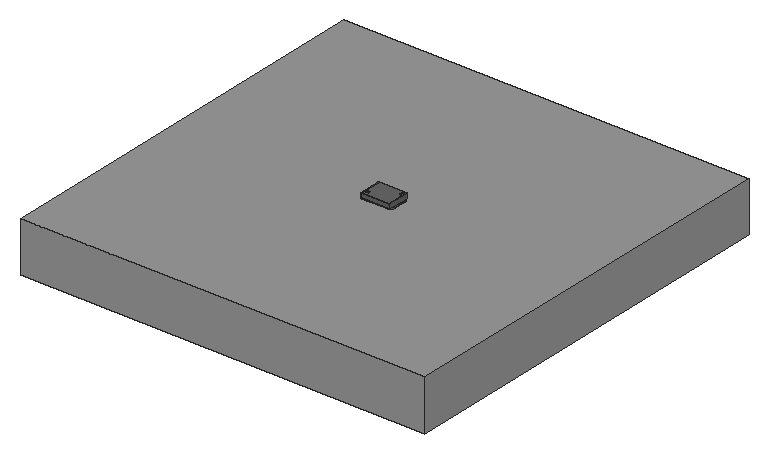
Revit family "PARLÉ TCM - Network Box_rev1", category Communication Devices, host Face, Revit 2019
Family settings
  Host = Face
  Maintain Annotation Orientation = No
  Round Connector Dimension = Use Diameter
  Part Type = Normal
  Cut with Voids When Loaded = No
  Shared = Yes
  Room Calculation Point = Yes
Parameters (values of type "PARLÉ™ TCM-XA Network Box - Wall mounted")
  Width = 0' - 6 205/256"
  Weight Product = 1.4
  Regulatory Compliance = "FCC Part 15B (USA) CE marked (Europe) UL and C-UL listed (USA and Canada) RoHS Directive (Europe) Evaluated to the requirements of UL 2043 and is suitable for use in air handling spaces"
  Product Page URL = "https://www.biamp.com/products/product-families/parle/parle-microphones#parle-tcm-x"
  Product Documentation Link = "https://downloads.biamp.com/assets/docs/default-source/data-sheets/biamp_data_sheet_parle_tcm-x_feb21.pdf?sfvrsn=4456daa4_24&_ga=2.68014161.1990077202.1620849750-121540068.1620849750"
  Power = "PoE (IEEE 802.3at Class 3, 15.4W)"
  Part Number = ""
  POE+ = yes
  POE Power = 30
  Model = "Parlé TCM-XA"
  Max Distance Between Devices = "33 feet (10 meters) between TCM-XEX and DSP host device"
  Manufacturer URL = "https://www.biamp.com/"
  Manufacturer = "Biamp Systems"
  Height = 0' - 1 51/256"
  Dynamic Range = "92dB, A-Weighted"
  Description = "Ceiling microphone Network Box with amplifier only. (Cost includes mic.)"
  Depth = 0' - 5 51/256"
  Default Elevation = 0' - 0"
  Connector = "Three RJ-45: one between TCM-X network box and switch, one between the network box and microphone, the other between TCM-X network box and TCM-XEX"
  Ceiling/Wall Mounting = 0.00°
  Case Finish = Black Finish
  Amplifier = "2X Class D, Single Channel Driven, (4Ω, 8Ω): 8W, Dual Channel Driven (4Ω, 8Ω): 4W"
Types (4): name | POE+ | POE Power | Model | Description | Ceiling/Wall Mounting | Amplifier
  PARLÉ™ TCM-X Network Box - Ceiling mounted | no | 15.4 | "Parlé TCM-X" | "Ceiling microphone Network Box only. (Cost includes mic.)" | 180.00° | ""
  PARLÉ™ TCM-XA Network Box - Ceiling mounted | yes | 30 | "Parlé TCM-XA" | "Ceiling microphone Network Box with amplifier only. (Cost includes mic.)" | 180.00° | "2X Class D, Single Channel Driven, (4Ω, 8Ω): 8W, Dual Channel Driven (4Ω, 8Ω): 4W"
  PARLÉ™ TCM-X Network Box - Wall mounted | no | 15.4 | "Parlé TCM-X" | "Ceiling microphone Network Box only. (Cost includes mic.)" | 0.00° | ""
  PARLÉ™ TCM-XA Network Box - Wall mounted | yes | 30 | "Parlé TCM-XA" | "Ceiling microphone Network Box with amplifier only. (Cost includes mic.)" | 0.00° | "2X Class D, Single Channel Driven, (4Ω, 8Ω): 8W, Dual Channel Driven (4Ω, 8Ω): 4W"
Reference planes (in)
  plane 1 "Center (Front/Back)": y = 0
  plane 2: z = 0
  plane 3 "Center (Left/Right)": x = 0
Forms (in)
  Extrusion 1, solid, material "Light Gray Finish"
    sketch origin (0, 0, 0) x (1, 0, 0) y (0, 1, 0)
      loop
        line (-48, 48) -> (-48, -48) -> (48, -48) -> (48, 48) -> (-48, 48)
    from 0 to -12
Lines and regions (in)
  reference lines
    curve 1: line (0, 0, 0) -> (0, -9.75, 0)
Dimensions and locks (in)
  "Ceiling/Wall Mounting": angle plane 2 to curve 1
  aligned and locked: plane 2 to Extrusion 1
  aligned and locked: level to Extrusion 1
  aligned and locked: plane 1 "Center (Front/Back)" to curve 1
  aligned and locked: plane 2 to curve 1
Automatic sketch dimensions
  Extrusion 1 sketch curve to Extrusion 1 sketch curve = 8' - 0"  (x2)
Nested families (in)
  nested 1: "PARLÉ TCM-xxx - Network Box Base_rev0" at (-0.06021, 0, 0), type "PARLÉ™ TCM-xxx Network Box"
Definition of nested family "PARLÉ TCM-xxx - Network Box Base_rev0"
  Parameters (values of type "PARLÉ™ TCM-xxx Network Box")
    Part Number = ""
    Model = "Parlé TCM-X"
    Manufacturer = "Biamp Systems"
    Description = "AVB low-profle ceiling microphone (Network Box only. Cost includes mic)"
    Default Elevation = 0' - 0"
  Reference planes (in)
    plane 1 "Center (Front/Back)": y = 0
    plane 2: z = 0
    plane 3 "Center (Left/Right)": x = 0
  Forms (in)
    Extrusion 1, solid
      sketch origin (0, 0, 0) x (1, 0, 0) y (0, 1, 0)
        loop
          line (-48, 48) -> (-48, -48) -> (48, -48) -> (48, 48) -> (-48, 48)
      from 0 to -12
    Extrusion 2, solid
      sketch origin (0, 0, 0) x (1, 0, 0) y (0, 0, 1)
        loop
          line (-3.38583, 0.03622) -> (-3.34961, 0.03622) -> (-3.34961, 1.11321)
          arc (-3.34961, 1.11321) -> (-3.34038, 1.13549) -> (-3.31811, 1.14471) r 0.0315
          line (-3.31811, 1.14471) -> (3.31811, 1.14471)
          arc (3.31811, 1.14471) -> (3.34038, 1.13549) -> (3.34961, 1.11321) r 0.0315
          line (3.34961, 1.11321) -> (3.34961, 0.03622) -> (3.38644, 0.03622) -> (3.38644, 1.11321)
          arc (3.38644, 1.11321) -> (3.36621, 1.16113) -> (3.31811, 1.18093) r 0.06833
          line (3.31811, 1.18093) -> (-3.31811, 1.18093)
          arc (-3.31811, 1.18093) -> (-3.36599, 1.1611) -> (-3.38583, 1.11321) r 0.06772
          line (-3.38583, 1.11321) -> (-3.38583, 0.03622)
      from -2.59843 to 2.59843
    Extrusion 3, solid
      sketch origin (0, 0, 0) x (1, 0, 0) y (0, 1, 0)
        loop
          line (-3.85827, 1.54212) -> (-3.85827, -1.54212) -> (-3.24841, -2.59843) -> (3.24841, -2.59843) -> (3.85827, -1.54212) -> (3.85827, 1.54212) -> (3.24841, 2.59843) -> (-3.24841, 2.59843) -> (-3.85827, 1.54212)
        loop
          circle (-3.70135, 0.70841) r 0.06408
        loop
          circle (-3.70102, 0) r 0.08163
        loop
          circle (3.70135, 0.70841) r 0.06408
        loop
          circle (3.70102, 0) r 0.08163
      from 0 to 0.06772
    Extrusion 4, solid
      sketch origin (0, 0, 0) x (1, 0, 0) y (0, 0, 1)
        loop
          line (-2.95044, 1.18128) -> (-2.85772, 1.22873) -> (-2.33891, 1.22873) -> (-2.24551, 1.18093) -> (-2.166, 1.18093) -> (-2.31397, 1.25665)
          arc (-2.31397, 1.25665) -> (-2.33069, 1.26284) -> (-2.3484, 1.26495) r 0.07559
          line (-2.3484, 1.26495) -> (-2.84823, 1.26495)
          arc (-2.84823, 1.26495) -> (-2.86594, 1.26284) -> (-2.88266, 1.25665) r 0.07559
          line (-2.88266, 1.25665) -> (-3.02995, 1.18128) -> (-2.95044, 1.18128)
      from 1.41831 to 1.67224
    Extrusion 5, solid
      sketch origin (4.26378, -0.78805, 0) x (0, -1, 0) y (0, 0, 1)
        loop
          line (-2.95044, 1.18128) -> (-2.85772, 1.22873) -> (-2.33891, 1.22873) -> (-2.24551, 1.18093) -> (-2.166, 1.18093) -> (-2.31397, 1.25665)
          arc (-2.31397, 1.25665) -> (-2.33069, 1.26284) -> (-2.3484, 1.26495) r 0.07559
          line (-2.3484, 1.26495) -> (-2.84823, 1.26495)
          arc (-2.84823, 1.26495) -> (-2.86594, 1.26284) -> (-2.88266, 1.25665) r 0.07559
          line (-2.88266, 1.25665) -> (-3.02995, 1.18128) -> (-2.95044, 1.18128)
      from 1.41831 to 1.67224
    Extrusion 6, solid
      sketch origin (0, 0, 0) x (1, 0, 0) y (0, 0, 1)
        loop
          line (-3.34961, 0.06772) -> (3.34961, 0.06772) -> (3.34961, 1.11321)
          arc (3.34961, 1.11321) -> (3.34038, 1.13549) -> (3.31811, 1.14471) r 0.0315
          line (3.31811, 1.14471) -> (-3.31811, 1.14471)
          arc (-3.31811, 1.14471) -> (-3.34038, 1.13549) -> (-3.34961, 1.11321) r 0.0315
          line (-3.34961, 1.11321) -> (-3.34961, 0.06772)
      from -2.59843 to 2.59843
    Extrusion 7, solid
      sketch origin (0, 0, 0) x (1, 0, 0) y (0, 0, 1)
        loop
          line (2.01277, 0.84735) -> (1.33035, 0.84735) -> (1.33035, 0.29617) -> (2.01277, 0.29617) -> (2.01277, 0.84735)
        loop
          line (0.67303, 0.84761) -> (-0.00602, 0.84761) -> (-0.00602, 0.29741) -> (0.67303, 0.29741) -> (0.67303, 0.84761)
        loop
          line (-0.3504, 0.84761) -> (-1.02946, 0.84761) -> (-1.02946, 0.29741) -> (-0.3504, 0.29741) -> (-0.3504, 0.84761)
      from -2.64166 to -2.59843
    Extrusion 8, void
      sketch origin (0, 0, 0) x (1, 0, 0) y (0, 1, 0)
        loop
          line (-2.95044, -1.41831) -> (-2.95044, -1.67224) -> (-2.24551, -1.67224) -> (-2.24551, -1.41831) -> (-2.95044, -1.41831)
        loop
          line (2.59154, 2.16239) -> (2.59154, 1.45746) -> (2.84547, 1.45746) -> (2.84547, 2.16239) -> (2.59154, 2.16239)
      from 1.14471 to 1.18093
    Extrusion 9, solid, not visible
      sketch origin (0, 0, 0) x (1, 0, 0) y (0, 0, 1)
        loop
          line (-3.38583, 0.03622) -> (-3.34961, 0.03622) -> (-3.34961, 1.11321)
          arc (-3.34961, 1.11321) -> (-3.34038, 1.13549) -> (-3.31811, 1.14471) r 0.0315
          line (-3.31811, 1.14471) -> (3.31811, 1.14471)
          arc (3.31811, 1.14471) -> (3.34038, 1.13549) -> (3.34961, 1.11321) r 0.0315
          line (3.34961, 1.11321) -> (3.34961, 0.03622) -> (3.38644, 0.03622) -> (3.38644, 1.11321)
          arc (3.38644, 1.11321) -> (3.36621, 1.16113) -> (3.31811, 1.18093) r 0.06833
          line (3.31811, 1.18093) -> (-3.31811, 1.18093)
          arc (-3.31811, 1.18093) -> (-3.36599, 1.1611) -> (-3.38583, 1.11321) r 0.06772
          line (-3.38583, 1.11321) -> (-3.38583, 0.03622)
      from -2.59843 to 2.59843
    Extrusion 10, solid, not visible
      sketch origin (0, 0, 0) x (1, 0, 0) y (0, 1, 0)
        loop
          line (-3.85827, 1.54212) -> (-3.85827, -1.54212) -> (-3.24841, -2.59843) -> (3.24841, -2.59843) -> (3.85827, -1.54212) -> (3.85827, 1.54212) -> (3.24841, 2.59843) -> (-3.24841, 2.59843) -> (-3.85827, 1.54212)
        loop
          circle (-3.70135, 0.70841) r 0.06408
        loop
          circle (-3.70102, 0) r 0.08163
        loop
          circle (3.70135, 0.70841) r 0.06408
        loop
          circle (3.70102, 0) r 0.08163
      from 0 to 0.06772
    Extrusion 11, solid, not visible
      sketch origin (0, 0, 0) x (1, 0, 0) y (0, 0, 1)
        loop
          line (-2.95044, 1.18128) -> (-2.85772, 1.22873) -> (-2.33891, 1.22873) -> (-2.24551, 1.18093) -> (-2.166, 1.18093) -> (-2.31397, 1.25665)
          arc (-2.31397, 1.25665) -> (-2.33069, 1.26284) -> (-2.3484, 1.26495) r 0.07559
          line (-2.3484, 1.26495) -> (-2.84823, 1.26495)
          arc (-2.84823, 1.26495) -> (-2.86594, 1.26284) -> (-2.88266, 1.25665) r 0.07559
          line (-2.88266, 1.25665) -> (-3.02995, 1.18128) -> (-2.95044, 1.18128)
      from 1.41831 to 1.67224
    Extrusion 12, solid, not visible
      sketch origin (4.26378, -0.78805, 0) x (0, -1, 0) y (0, 0, 1)
        loop
          line (-2.95044, 1.18128) -> (-2.85772, 1.22873) -> (-2.33891, 1.22873) -> (-2.24551, 1.18093) -> (-2.166, 1.18093) -> (-2.31397, 1.25665)
          arc (-2.31397, 1.25665) -> (-2.33069, 1.26284) -> (-2.3484, 1.26495) r 0.07559
          line (-2.3484, 1.26495) -> (-2.84823, 1.26495)
          arc (-2.84823, 1.26495) -> (-2.86594, 1.26284) -> (-2.88266, 1.25665) r 0.07559
          line (-2.88266, 1.25665) -> (-3.02995, 1.18128) -> (-2.95044, 1.18128)
      from 1.41831 to 1.67224
    Extrusion 13, solid, not visible
      sketch origin (0, 0, 0) x (1, 0, 0) y (0, 0, 1)
        loop
          line (-3.34961, 0.06772) -> (3.34961, 0.06772) -> (3.34961, 1.11321)
          arc (3.34961, 1.11321) -> (3.34038, 1.13549) -> (3.31811, 1.14471) r 0.0315
          line (3.31811, 1.14471) -> (-3.31811, 1.14471)
          arc (-3.31811, 1.14471) -> (-3.34038, 1.13549) -> (-3.34961, 1.11321) r 0.0315
          line (-3.34961, 1.11321) -> (-3.34961, 0.06772)
      from -2.59843 to 2.59843
    Extrusion 14, solid, not visible
      sketch origin (0, 0, 0) x (1, 0, 0) y (0, 0, 1)
        loop
          line (2.01277, 0.84735) -> (1.33035, 0.84735) -> (1.33035, 0.29617) -> (2.01277, 0.29617) -> (2.01277, 0.84735)
        loop
          line (0.67303, 0.84761) -> (-0.00602, 0.84761) -> (-0.00602, 0.29741) -> (0.67303, 0.29741) -> (0.67303, 0.84761)
        loop
          line (-0.3504, 0.84761) -> (-1.02946, 0.84761) -> (-1.02946, 0.29741) -> (-0.3504, 0.29741) -> (-0.3504, 0.84761)
      from -2.64166 to -2.59843
    Extrusion 15, void, not visible
      sketch origin (0, 0, 0) x (1, 0, 0) y (0, 1, 0)
        loop
          line (-2.95044, -1.41831) -> (-2.95044, -1.67224) -> (-2.24551, -1.67224) -> (-2.24551, -1.41831) -> (-2.95044, -1.41831)
        loop
          line (2.59154, 2.16239) -> (2.59154, 1.45746) -> (2.84547, 1.45746) -> (2.84547, 2.16239) -> (2.59154, 2.16239)
      from 1.14471 to 1.18093
  Cuts and joins
    Extrusion 8 cuts Extrusion 2
    Extrusion 8 cuts Extrusion 4
    Extrusion 8 cuts Extrusion 5
    joined: Extrusion 2, Extrusion 4, Extrusion 5
    Extrusion 8 cuts Extrusion 3
    Extrusion 8 cuts Extrusion 6
  Dimensions and locks (in)
    aligned and locked: plane 2 to Extrusion 1
    aligned and locked: level to Extrusion 1
    aligned and locked: Extrusion 3 to Extrusion 1
    aligned and locked: cut or joined group of Extrusion 2, Extrusion 4, Extrusion 5, Extrusion 8 to Extrusion 6  (x2)
    aligned and locked: Extrusion 7 to cut or joined group of Extrusion 2, Extrusion 4, Extrusion 5, Extrusion 8
